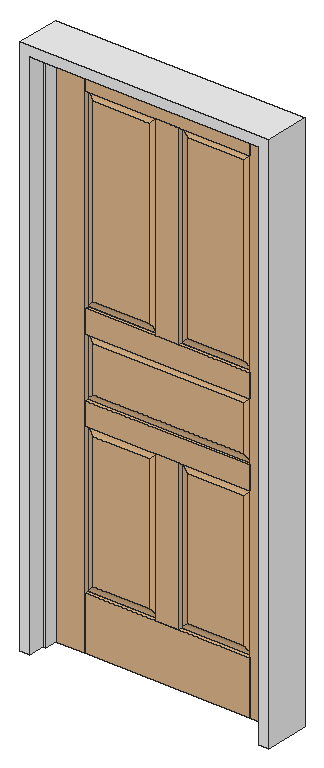
Revit family
Parameters (values of type "1 3/4" Raised Panel")
  URL = "http://www.karonadoor.com"
  Thickness Note = "Do not edit thickness."  # constant formula
  Thickness = 1.774"
  Swing Angle 2D = 90.00°
  SmartBIM Object Version = 1  # constant formula
  SmartBIM Object Created By = "Reed Construction Data"  # constant formula
  Rough Width = 0.000"
  Rough Height = 1.750"
  Panel = Panel_K5500_Karona : 1 3/4" - Raised Panel
  Model = "K5500 Square"  # constant formula
  Manufacturer = "Karona , Inc."  # constant formula
  Detail Door Thickness = 1.750"
  Assembly Code = ""
  Top Rail Height = 5.000"
  Top Rail = Wood, Cherry - Grain Horizontal
  Stile Width = 5.063"
  Stile = Wood, Cherry - Grain Vertical
  Sticking = Wood, Cherry - Grain Vertical
  Middle Rail = Wood, Cherry - Grain Horizontal
  Height = 84.000"
  Wall Closure = (empty or 0)
  Width = 36.000"
  Frame = Metal
  Bottom Rail Height = 8.500"
  Bottom Rail = Wood, Cherry - Grain Horizontal
  95 CSI = "08210"  # constant formula
  04 CSI = "08 14 33"  # constant formula
Types (9): name | Thickness | Rough Height | Panel | Detail Door Thickness | Top Rail
  1 3/4" Flat Panel | 1.774" | 1.750" | Panel_K5500_Karona : 1 3/4" - Flat Panel | 1.750" | Wood, Cherry - Grain Horizontal
  1 3/8" Flat Panel | 1.334" | 0.000" | Panel_K5500_Karona : 1 3/8" - Flat Panel | 1.375" | Wood, Cherry - Grain Vertical
  2 1/4" Flat Panel | 2.250" | 0.000" | Panel_K5500_Karona : 2 1/4" - Flat Panel | 2.250" | Wood, Cherry - Grain Horizontal
  1 3/4" Glass Panel | 1.774" | 1.750" | Panel_K5500_Karona : 1 3/4" - Glass Panel | 1.750" | Wood, Cherry - Grain Horizontal
  1 3/8" Glass Panel | 1.334" | 0.000" | Panel_K5500_Karona : 1 3/8" - Glass Panel | 1.375" | Wood, Cherry - Grain Horizontal
  2 1/4" Glass Panel | 2.250" | 0.000" | Panel_K5500_Karona : 2 1/4" - Glass | 2.250" | Wood, Cherry - Grain Horizontal
  1 3/4" Raised Panel | 1.774" | 1.750" | Panel_K5500_Karona : 1 3/4" - Raised Panel | 1.750" | Wood, Cherry - Grain Horizontal
  1 3/8" Raised Panel | 1.334" | 0.000" | Panel_K5500_Karona : 1 3/8" - Raised Panel | 1.375" | Wood, Cherry - Grain Horizontal
  2 1/4" Raised Panel | 2.250" | 0.000" | Panel_K5500_Karona : 2 1/4" - Raised Panel | 2.250" | Wood, Cherry - Grain Horizontal
Reference planes (in)
  plane 1 "Center (Front/Back)": y = 0
  plane 2 "Center (Left/Right)": x = 0
  plane 3 "Left": x = -18
  plane 4 "Right": x = 18
  plane 5 "Top": z = 84
  plane 6 "Exterior Edge of Frame": y = 3.5
  plane 7 "Interior Edge of Frame": y = -3.5
  plane 8: y = 1
  plane 9: y = -1
  plane 10 "Opening Left": x = -19.5
  plane 11 "Opening Right": x = 19.5
  plane 12 "Top of Opening": z = 85.5
  plane 13: x = -17.5
Forms (in)
  Sweep 1, solid, material "Metal" <- "Frame"
    path origin (0, 0, 0) x (1, 0, 0) y (0, 0, 1)
      loop
        line (-19.5, 0) -> (-19.5, 85.5) -> (19.5, 85.5) -> (19.5, 0)
    profile origin (-19.5, 0, 42.75) x (-1, 0, 0) y (0, -1, 0)
      loop
        line (0, -3.5) -> (0, 3.5) -> (-1.5, 3.5) -> (-1.5, 1) -> (-2, 1) -> (-2, -1) -> (-1.5, -1) -> (-1.5, -3.5) -> (0, -3.5)
Lines and regions (in)
  Opening 1
    outline origin (-90, -3, 0) x (1, 0, 0) y (0, 0, 1)
      loop
        line (70.5, 0) -> (109.5, 0) -> (109.5, 85.5) -> (70.5, 85.5) -> (70.5, 0)
  symbolic lines, style "Elevation Swing"
    curve 1: line (18, 3, 0) -> (-18, 3, 42)
    curve 2: line (-18, 3, 42) -> (18, 3, 84)
Text (in)
  text "Exterior" at (-46.13199, 20.20143, 0), in view "Ref. Level"
  text "Interior" at (-46.13199, -10.56751, 0), in view "Ref. Level"
  text "Exterior" at (0, 40.15149, 123.01588), in view "Right"
  text "Interior" at (0, -64.39139, 123.01588), in view "Right"
  text "Interior" at (0, -31.01599, 123.00693), in view "Left"
  text "Exterior" at (0, 54.57065, 123.00693), in view "Left"
Dimensions and locks (in)
  "Height": level to plane 5 "Top"
  "Width": plane 3 "Left" to plane 4 "Right"
  equal spacing: host wall, curve 2, plane 5 "Top"
  locked: host wall to plane 7 "Interior Edge of Frame" at 0.5
  locked: plane 6 "Exterior Edge of Frame" to host wall at 0.5
  locked: plane 9 to plane 7 "Interior Edge of Frame" at 2.5
  locked: plane 6 "Exterior Edge of Frame" to plane 8 at 2.5
  equal spacing: plane 3 "Left", plane 2 "Center (Left/Right)", plane 4 "Right"
  locked: plane 4 "Right" to plane 11 "Opening Right" at 1.5
  locked: plane 5 "Top" to plane 12 "Top of Opening" at 1.5
  locked: plane 3 "Left" to plane 13 at 0.5
  locked: plane 10 "Opening Left" to plane 3 "Left" at 1.5
  aligned and locked: Opening 1 sketch curve to level
  aligned and locked: plane 4 "Right" to curve 1
  aligned and locked: plane 3 "Left" to curve 1
  aligned and locked: plane 5 "Top" to curve 2
  aligned and locked: Opening 1 sketch curve to plane 11 "Opening Right"
  aligned and locked: plane 12 "Top of Opening" to Opening 1 sketch curve
  aligned and locked: Opening 1 sketch curve to plane 10 "Opening Left"
  aligned and locked: plane 10 "Opening Left" to Sweep 1 sketch curve
  aligned and locked: plane 12 "Top of Opening" to Sweep 1 sketch curve
  aligned and locked: plane 11 "Opening Right" to Sweep 1 sketch curve
  aligned and locked: level to Sweep 1 sketch curve  (x2)
  aligned and locked: Sweep 1 sketch curve to plane 10 "Opening Left"
  aligned and locked: Sweep 1 sketch curve to plane 6 "Exterior Edge of Frame"
  aligned and locked: Sweep 1 sketch curve to plane 7 "Interior Edge of Frame"
  aligned and locked: Sweep 1 sketch curve to plane 8
  aligned and locked: Sweep 1 sketch curve to plane 9
  aligned and locked: plane 13 to Sweep 1 sketch curve
  aligned and locked: plane 3 "Left" to Sweep 1 sketch curve  (x2)
  aligned and locked: nested 1 to plane 2 "Center (Left/Right)"
  aligned and locked: nested 1 to plane 8
  aligned and locked: nested 2 to plane 3 "Left"
  aligned and locked: nested 2 to plane 8
Automatic sketch dimensions
  curve 1 to level = 0.000"
  curve 2 to plane 4 "Right" = 0.000"
Nested families (in)
  nested 1: "Panel_K5500_Karona" at (-13.5, 0.6575, 0) x (-1, 0, 0) z (0, 0, 1), type <- "Panel", type "1 3/4" - Raised Panel"
    with Panel Height 30.500", Height 84.000", Bottom Rail Height 8.500", Bottom Panel Height 23.375"
  nested 2: "Door Panel Plan View" at (-31.5, 1, 0) x (-1, 0, 0) z (0, 0, 1), type "Door Panel Plan View"
    with Thickness 1.750", Height 84.000"
Definition of nested family "Panel_K5500_Karona"
  Parameters (values of type "1 3/4" - Raised Panel")
    Width = 36.000"
    Top Rail Material = Wood, Cherry - Grain Horizontal
    Top Rail Height = 5.000"
    Top Panel Offset = 16.542"
    Thickness Note = "Do not change door thickness"  # constant formula
    Thickness = 1.774"
    Stile Width = 5.063"
    Stile Material = Wood, Cherry - Grain Vertical
    Sticking Material = Wood, Cherry - Grain Vertical
    Panel Width = (Width - ((2 * Stile Width) + Mullion Width)) / 2  # 11.1245"
    Panel Height = Height - (Top Rail Height + Mullion Width + Middle Panel Height + Bottom Height)  # 46.500"
    Panel = Glass-Sticking-Assembly-Square_Karona : Raised Panel
    Mullion Width = 3.625"  # constant formula
    Middle Panel Width = Width - (2 * Stile Width)  # 25.874"
    Middle Panel Height = 9.375"  # constant formula
    Interior Panel = Wood, Cherry - Grain Vertical
    Height = 100.000"
    Exterior Edge - Glass Bottom Offset = if(Thickness = 1.774", 0.567", if(Thickness = 2.250", 0.803", 0.469"))  # 0.567"
    Door Panel Material = Wood, Cherry - Grain Vertical
    Default Elevation = 0.000"  # constant formula
    Bottom Rail Material = Wood, Cherry - Grain Horizontal
    Bottom Rail Height = 20.000"
    Bottom Panel Height = Bottom Height - (Mullion Width + Bottom Rail Height)  # 11.875"
    Bottom Height = 35.500"
    Assembly Code = ""
  Types (9): name | Top Panel Offset | Thickness | Panel Height | Panel | Interior Panel | Height | Exterior Edge - Glass Bottom Offset | Bottom Rail Height | Bottom Panel Height
    2 1/4" - Flat Panel | 14.875" | 2.250" | 30.500" | Glass-Sticking-Assembly-Square_Karona : Flat Panel | Wood, Cherry - Grain Vertical | 84.000" | 0.803" | 8.500" | 23.375"
    2 1/4" - Glass | 14.875" | 2.250" | 30.500" | Glass-Sticking-Assembly-Square_Karona : Glass Panel | Glass | 84.000" | 0.803" | 8.500" | 23.375"
    2 1/4" - Raised Panel | 14.875" | 2.250" | 30.500" | Glass-Sticking-Assembly-Square_Karona : Raised Panel | Wood, Cherry - Grain Vertical | 84.000" | 0.803" | 8.500" | 23.375"
    1 3/4" - Raised Panel | 16.542" | 1.774" | 46.500" | Glass-Sticking-Assembly-Square_Karona : Raised Panel | Wood, Cherry - Grain Vertical | 100.000" | 0.567" | 20.000" | 11.875"
    1 3/4" - Flat Panel | 14.875" | 1.774" | 30.500" | Glass-Sticking-Assembly-Square_Karona : Flat Panel | Wood, Cherry - Grain Vertical | 84.000" | 0.567" | 8.500" | 23.375"
    1 3/4" - Glass Panel | 14.875" | 1.774" | 30.500" | Glass-Sticking-Assembly-Square_Karona : Glass Panel | Glass | 84.000" | 0.567" | 8.500" | 23.375"
    1 3/8" - Raised Panel | 14.875" | 1.334" | 30.500" | Glass-Sticking-Assembly-Square_Karona : Raised Panel | Wood, Cherry - Grain Vertical | 84.000" | 0.469" | 8.500" | 23.375"
    1 3/8" - Glass Panel | 14.875" | 1.334" | 30.500" | Glass-Sticking-Assembly-Square_Karona : Glass Panel | Glass | 84.000" | 0.469" | 8.500" | 23.375"
    1 3/8" - Flat Panel | 14.875" | 1.334" | 30.500" | Glass-Sticking-Assembly-Square_Karona : Flat Panel | Wood, Cherry - Grain Vertical | 84.000" | 0.469" | 8.500" | 23.375"
  Reference planes (in)
    plane 1 "Center (Front/Back)": y = 1.2295
    plane 2: z = 0
    plane 3 "Center (Left/Right)": x = -13.5
    plane 4 "Left": x = -31.5
    plane 5: x = 4.5
    plane 6 "Inner Left": x = -26.437
    plane 7 "Inner Right": x = -0.563
    plane 8 "Bottom Of Top Rail": z = 95
    plane 9 "Top": z = 100
    plane 10 "Interior Edge of Door": y = 2.1165
    plane 11: z = 95
    plane 12 "Exterior Edge of Door": y = 0.3425
    plane 13 "Bottom of Glass": y = 0.9095
    plane 14 "Left Panel Vertical Midline": x = -13.5
    plane 15: z = 48.5
    plane 16: z = 44.875
    plane 17: z = 35.5
    plane 18: z = 31.875
    plane 19: z = 20
    plane 20: z = 71.75
    plane 21: z = 25.9375
    plane 22: z = 40.1875
    plane 23: x = -20.87475
    plane 24: x = -6.12525
    plane 25: x = -15.3125
    plane 26: x = -11.6875
  Forms (in)
    Extrusion 1, solid, material "Wood, Cherry - Grain Horizontal" <- "Bottom Rail Material"
      sketch origin (0, -101.3125, 0) x (1, 0, 0) y (0, 0, 1)
        loop
          line (-26.437, 0) -> (-0.563, 0) -> (-0.563, 20) -> (-26.437, 20) -> (-26.437, 0)
      from -103.429 to -101.655
    Extrusion 2, solid, material "Wood, Cherry - Grain Vertical" <- "Stile Material"
      sketch origin (0, 1.2295, 0) x (1, 0, 0) y (0, 0, 1)
        loop
          line (-31.5, 100) -> (-31.5, 0) -> (-26.437, 0) -> (-26.437, 100) -> (-31.5, 100)
        loop
          line (-0.563, 0) -> (4.5, 0) -> (4.5, 100) -> (-0.563, 100) -> (-0.563, 0)
      from -0.887 to 0.887
    Extrusion 3, solid, material "Wood, Cherry - Grain Horizontal" <- "Top Rail Material"
      sketch origin (0, 1.2295, 0) x (1, 0, 0) y (0, 0, 1)
        loop
          line (-26.437, 100) -> (-26.437, 95) -> (-0.563, 95) -> (-0.563, 100) -> (-26.437, 100)
      from -0.887 to 0.887
    Extrusion 4, solid, material "Wood, Cherry - Grain Horizontal" <- "Top Rail Material"
      sketch origin (0, 1.2295, 0) x (1, 0, 0) y (0, 0, 1)
        loop
          line (-26.437, 31.875) -> (-0.563, 31.875) -> (-0.563, 35.5) -> (-26.437, 35.5) -> (-26.437, 31.875)
        loop
          line (-26.437, 48.5) -> (-26.437, 44.875) -> (-0.563, 44.875) -> (-0.563, 48.5) -> (-26.437, 48.5)
      from -0.887 to 0.887
    Extrusion 5, solid, material "Wood, Cherry - Grain Vertical" <- "Door Panel Material"
      sketch origin (0, 1.2295, 0) x (1, 0, 0) y (0, 0, 1)
        loop
          line (-15.3125, 95) -> (-15.3125, 48.5) -> (-11.6875, 48.5) -> (-11.6875, 95) -> (-15.3125, 95)
        loop
          line (-15.3125, 31.875) -> (-15.3125, 20) -> (-11.6875, 20) -> (-11.6875, 31.875) -> (-15.3125, 31.875)
      from -0.887 to 0.887
  Text (in)
    text "EXTERIOR" at (-34.59289, -1.27941, 0), in view "Ref. Level"
    text "EXTERIOR" at (0, -9.65287, 72.76687), in view "Left"
    text "EXTERIOR" at (0, -33.33473, 96.68074), in view "Right"
  Dimensions and locks (in)
    equal spacing: plane 4 "Left", plane 3 "Center (Left/Right)", plane 5
    "Width": plane 4 "Left" to plane 5
    "Stile Width": plane 4 "Left" to plane 6 "Inner Left"
    "Stile Width": plane 5 to plane 7 "Inner Right"
    "Top Rail Height": plane 9 "Top" to plane 8 "Bottom Of Top Rail"
    "Height": plane 9 "Top" to plane 2
    equal spacing: plane 10 "Interior Edge of Door", plane 1 "Center (Front/Back)", plane 12 "Exterior Edge of Door"
    "Thickness": plane 10 "Interior Edge of Door" to plane 12 "Exterior Edge of Door"
    "Exterior Edge - Glass Bottom Offset": plane 13 "Bottom of Glass" to plane 12 "Exterior Edge of Door"
    "Exterior Edge - Glass Bottom Offset": plane 12 "Exterior Edge of Door" to plane 13 "Bottom of Glass"
    "Mullion Width": plane 15 to plane 16
    "Bottom Rail Height": plane 19 to level
    "Panel Height": plane 11 to plane 15
    equal spacing: plane 11, plane 20, plane 15
    equal spacing: plane 18, plane 21, plane 19
    "Mullion Width": plane 17 to plane 18
    equal spacing: plane 16, plane 22, plane 17
    "Mullion Width": plane 26 to plane 25
    equal spacing: plane 25, plane 23, plane 6 "Inner Left"
    equal spacing: plane 26, plane 24, plane 7 "Inner Right"
    equal spacing: plane 26, plane 3 "Center (Left/Right)", plane 25
    "Bottom Height": plane 17 to level
    aligned and locked: Extrusion 1 to plane 2
    aligned and locked: plane 10 "Interior Edge of Door" to Extrusion 1
    aligned and locked: plane 4 "Left" to Extrusion 2 sketch curve
    aligned and locked: Extrusion 2 sketch curve to plane 9 "Top"
    aligned and locked: Extrusion 2 sketch curve to Extrusion 1  (x3)
    aligned and locked: Extrusion 1 to Extrusion 2 sketch curve
    aligned and locked: plane 9 "Top" to Extrusion 2 sketch curve
    aligned and locked: plane 5 to Extrusion 2 sketch curve
    aligned and locked: plane 10 "Interior Edge of Door" to Extrusion 2
    aligned and locked: Extrusion 2 to Extrusion 3 sketch curve
    aligned and locked: Extrusion 3 sketch curve to Extrusion 2
    aligned and locked: plane 10 "Interior Edge of Door" to Extrusion 3
    aligned and locked: plane 11 to plane 8 "Bottom Of Top Rail"
    aligned and locked: level to plane 2
    aligned and locked: Extrusion 3 to plane 12 "Exterior Edge of Door"
    aligned and locked: Extrusion 3 to plane 10 "Interior Edge of Door"
    aligned and locked: Extrusion 2 to plane 12 "Exterior Edge of Door"
    aligned and locked: Extrusion 3 to plane 11
    aligned and locked: Extrusion 1 to Extrusion 2
    aligned and locked: nested 1 to plane 1 "Center (Front/Back)"
    aligned and locked: plane 20 to nested 2
    aligned and locked: Extrusion 4 sketch curve to plane 18
    aligned and locked: Extrusion 4 sketch curve to plane 6 "Inner Left"  (x2)
    aligned and locked: Extrusion 4 sketch curve to plane 7 "Inner Right"  (x2)
    aligned and locked: Extrusion 4 sketch curve to plane 17
    aligned and locked: Extrusion 4 sketch curve to plane 15
    aligned and locked: Extrusion 4 sketch curve to plane 16
    aligned and locked: plane 10 "Interior Edge of Door" to Extrusion 4
    aligned and locked: Extrusion 4 to plane 12 "Exterior Edge of Door"
    aligned and locked: plane 23 to nested 2
    aligned and locked: plane 23 to nested 1
    aligned and locked: nested 5 to plane 20
    aligned and locked: nested 4 to plane 21
    aligned and locked: plane 24 to nested 5
    aligned and locked: plane 24 to nested 4
    aligned and locked: plane 1 "Center (Front/Back)" to nested 4
    aligned and locked: plane 1 "Center (Front/Back)" to nested 5
    aligned and locked: Extrusion 5 sketch curve to plane 25  (x2)
    aligned and locked: Extrusion 5 sketch curve to plane 26
    aligned and locked: Extrusion 5 sketch curve to plane 15
    aligned and locked: Extrusion 5 sketch curve to plane 11
    aligned and locked: Extrusion 5 sketch curve to plane 18
    aligned and locked: Extrusion 5 sketch curve to plane 19
    aligned and locked: plane 26 to Extrusion 5 sketch curve
    aligned and locked: plane 10 "Interior Edge of Door" to Extrusion 5
    aligned and locked: Extrusion 5 to plane 12 "Exterior Edge of Door"
    aligned and locked: plane 21 to nested 1
    aligned and locked: plane 19 to Extrusion 1
    aligned and locked: plane 22 to nested 3
  Automatic sketch dimensions
    Extrusion 1 sketch curve to plane 6 "Inner Left" = 0.000"
    Extrusion 1 sketch curve to plane 7 "Inner Right" = 0.000"
    Extrusion 1 sketch curve to level = 0.000"
    Extrusion 3 sketch curve to plane 7 "Inner Right" = 0.000"
    plane 8 "Bottom Of Top Rail" to Extrusion 3 sketch curve = 0.000"
    level to Extrusion 1 sketch curve = 20.000"
  Nested families (in)
    nested 1: "Glass-Sticking-Assembly-Square_Karona" at (-21.3435, 1.38, 20), Width <- "Panel Width", Height <- "Bottom Panel Height", type <- "Panel", type "Raised Panel"
      with Width 11.1245", Height 11.875"
    nested 2: "Glass-Sticking-Assembly-Square_Karona" at (-21.3435, 1.382, 48.5), Width <- "Panel Width", Height <- "Panel Height", type <- "Panel", type "Raised Panel"
      with Width 11.1245", Height 46.500"
    nested 3: "Glass-Sticking-Assembly-Square_Karona" at (-13.96875, 1.38, 35.5), Width <- "Middle Panel Width", Height <- "Middle Panel Height", type <- "Panel", type "Raised Panel"
      with Width 25.874", Height 9.375"
    nested 4: "Glass-Sticking-Assembly-Square_Karona" at (-5.6565, 1.38, 20) x (-1, 0, 0) z (0, 0, 1), Width <- "Panel Width", Height <- "Bottom Panel Height", type <- "Panel", type "Raised Panel"
      with Width 11.1245", Height 11.875"
    nested 5: "Glass-Sticking-Assembly-Square_Karona" at (-5.6565, 1.38, 48.5) x (-1, 0, 0) z (0, 0, 1), Width <- "Panel Width", Height <- "Panel Height", type <- "Panel", type "Raised Panel"
      with Width 11.1245", Height 46.500"
  Definition of nested family "Glass-Sticking-Assembly-Square_Karona"
    Parameters (values of type "Glass Panel")
      Width [instance] = 19.000"
      Stop Adjustment = if(and(not(Glass Panel), Door Thickness = 1.774"), 0.513", if(and(not(Glass Panel), Door Thickness = 2.250"), 0.513", if((Glass Panel), 0.125", 0.273")))  # 0.125"
      Profile = Wood, Cherry - Grain Vertical
      Height [instance] = 23.000"
      Raised Panel = no
      Interior Panel = Wood, Cherry - Grain Vertical
      Glass Panel = yes
      Door Thickness = 1.774"
      C = if(Glass Panel, 0.125", if(Door Thickness = 1.774", 0.200", if(Door Thickness = 2.250", 0.439", 0.191")))  # 0.125"
      B = if(Door Thickness = 1.774", 0.567", if(Door Thickness = 2.250", 0.803", 0.469"))  # 0.567"
      Assembly Code = ""
      A = if(Door Thickness = 1.774", 0.197", if(Door Thickness = 2.250", 0.433", 0.194"))  # 0.197"
    Types (3): name | Width | Stop Adjustment | Raised Panel | Glass Panel | C
      Glass Panel | 19.000" | 0.125" | no | yes | 0.125"
      Flat Panel | 4.500" | 0.513" | no | no | 0.200"
      Raised Panel | 4.000" | 0.513" | yes | no | 0.200"
    Reference planes (in)
      plane 1 "Stop Adjustment Edge": y = -0.3455
      plane 2: z = 0
      plane 3 "Center (Left/Right)": x = 0.46875
      plane 4 "Back": y = 0.7365
      plane 5 "Front": y = -1.0375
      plane 6 "Left": x = -9.03125
      plane 7 "Right": x = 9.96875
      plane 8 "Top": z = 23
      plane 9 "Center (Up/Down)": z = 11.5
      plane 10 "Bottom of Stop": y = -0.2205
      plane 11 "Bottom of Glass": y = -0.4705
      plane 12 "Right Edge of Glass": x = 10.35675
      plane 13 "Left Edge of Glass": x = -9.41925
      plane 14 "Top Edge of Glass": z = 23.34425
      plane 15 "Bottom Edge of Glass": z = -0.34425
      plane 16 "A": y = -0.8405
      plane 17 "C": y = 0.6115
      plane 18: z = 0.438
      plane 19: z = 22.562
      plane 20: x = -8.59325
      plane 21: x = 9.53075
      plane 22 "Center (Front/Back)": y = -0.1505
      plane 23: x = -9.46925
      plane 24: x = 10.40675
      plane 25: z = 23.438
      plane 26: z = -0.438
    Forms (in)
      Extrusion 1, solid, material "Wood, Cherry - Grain Vertical" <- "Interior Panel"
        sketch origin (0, 0, 0) x (1, 0, 0) y (0, 1, 0)
          loop
            line (-9.41925, -0.2205) -> (-9.41925, -0.4705) -> (10.35675, -0.4705) -> (10.35675, -0.2205) -> (-9.41925, -0.2205)
        from -0.34425 to 23.34425
      Extrusion 2, solid, material "Wood, Cherry - Grain Vertical" <- "Profile", visible <- "Raised Panel"
        sketch origin (0, 0, 0) x (1, 0, 0) y (0, 1, 0)
          loop
            line (9.96875, 0.6115) -> (-9.03125, 0.6115) -> (-9.03125, -0.2205) -> (9.96875, -0.2205) -> (9.96875, 0.6115)
          loop
            line (-9.03125, -0.4705) -> (-9.03125, -0.8405) -> (9.96875, -0.8405) -> (9.96875, -0.4705) -> (-9.03125, -0.4705)
        from 0 to 23
      Sweep 3, void
        path origin (0, -0.2205, 0) x (-1, 0, 0) y (0, 0, 1)
          loop
            line (9.46925, -0.438) -> (9.46925, 23.438) -> (-10.40675, 23.438) -> (-10.40675, -0.438) -> (9.46925, -0.438)
        profile "Profile : 05" origin (-9.46925, -0.2205, 11.5) x (1, 0, 0) y (0, 1, 0)
          loop
            line (0, 0.05) -> (0.36169, 0.05096)
            arc (0.36169, 0.05096) -> (1.01257, 0.13642) -> (1.61934, 0.387) r 2.52143
            line (1.61934, 0.387) -> (0, 0.387) -> (0, 0.05)
      Sweep 4, void
        path origin (0, -0.4705, 0) x (-1, 0, 0) y (0, 0, 1)
          loop
            line (-10.40675, 23.438) -> (-10.40675, -0.438) -> (9.46925, -0.438) -> (9.46925, 23.438) -> (-10.40675, 23.438)
        profile "Profile : 05" origin (10.40675, -0.4705, 11.5) x (-1, 0, 0) y (0, 1, 0)
          loop
            line (0, -0.05) -> (0, -0.387) -> (1.61934, -0.387)
            arc (1.61934, -0.387) -> (1.01257, -0.13642) -> (0.36169, -0.05096) r 2.52143
            line (0.36169, -0.05096) -> (0, -0.05)
    Cuts and joins
      Sweep 3, Sweep 4 cuts Extrusion 2
    Text (in)
      text "INTERIOR" at (-14.3788, 3.49864, 0), in view "Ref. Level"
    Dimensions and locks (in)
      equal spacing: plane 6 "Left", plane 3 "Center (Left/Right)", plane 7 "Right"
      "Width": plane 6 "Left" to plane 7 "Right"
      "Door Thickness": plane 4 "Back" to plane 5 "Front"
      "Height": plane 8 "Top" to plane 2
      equal spacing: plane 8 "Top", plane 9 "Center (Up/Down)", level
      locked: plane 1 "Stop Adjustment Edge" to plane 11 "Bottom of Glass" at 0.125
      "Stop Adjustment": plane 10 "Bottom of Stop" to plane 1 "Stop Adjustment Edge"
      locked: plane 7 "Right" to plane 12 "Right Edge of Glass" at 0.388
      locked: plane 14 "Top Edge of Glass" to plane 8 "Top" at 0.34425
      locked: level to plane 15 "Bottom Edge of Glass" at 0.34425
      locked: plane 13 "Left Edge of Glass" to plane 6 "Left" at 0.388
      "B": plane 5 "Front" to plane 11 "Bottom of Glass"
      "A": plane 5 "Front" to plane 16 "A"
      "C": plane 17 "C" to plane 4 "Back"
      locked: plane 18 to level at 0.438
      locked: plane 8 "Top" to plane 19 at 0.438
      locked: plane 6 "Left" to plane 20 at 0.438
      locked: plane 21 to plane 7 "Right" at 0.438
      equal spacing: plane 4 "Back", plane 22 "Center (Front/Back)", plane 5 "Front"
      locked: plane 23 to plane 13 "Left Edge of Glass" at 0.05
      locked: plane 12 "Right Edge of Glass" to plane 24 at 0.05
      locked: plane 25 to plane 14 "Top Edge of Glass" at 0.09375
      locked: plane 15 "Bottom Edge of Glass" to plane 26 at 0.09375
      aligned and locked: Extrusion 1 sketch curve to plane 13 "Left Edge of Glass"
      aligned and locked: Extrusion 1 sketch curve to plane 10 "Bottom of Stop"
      aligned and locked: Extrusion 1 sketch curve to plane 11 "Bottom of Glass"
      aligned and locked: Extrusion 1 sketch curve to plane 12 "Right Edge of Glass"
      aligned and locked: plane 14 "Top Edge of Glass" to Extrusion 1
      aligned and locked: Extrusion 1 to plane 15 "Bottom Edge of Glass"
      aligned and locked: Extrusion 2 sketch curve to plane 17 "C"
      aligned and locked: Extrusion 2 sketch curve to plane 10 "Bottom of Stop"
      aligned and locked: Extrusion 2 sketch curve to plane 11 "Bottom of Glass"
      aligned and locked: Extrusion 2 sketch curve to plane 16 "A"
      aligned and locked: plane 25 to Sweep 4 sketch curve
      aligned and locked: Sweep 4 sketch curve to plane 23
      aligned and locked: plane 24 to Sweep 4 sketch curve
      aligned and locked: Sweep 4 sketch curve to plane 26
      aligned and locked: plane 25 to Sweep 3 sketch curve
      aligned and locked: plane 24 to Sweep 3 sketch curve
      aligned and locked: Sweep 3 sketch curve to plane 23
      aligned and locked: Sweep 3 sketch curve to plane 26
      aligned and locked: plane 6 "Left" to Extrusion 2 sketch curve  (x2)
      aligned and locked: plane 7 "Right" to Extrusion 2 sketch curve  (x2)
      aligned and locked: plane 8 "Top" to Extrusion 2
      aligned and locked: Extrusion 2 to level
Definition of nested family "Door Panel Plan View"
  Parameters (values of type "Door Panel Plan View")
    Width = 36.000"
    Thickness = 2.000"
    Swing Angle 2D = 90.00°
    Height = 0.000"
    Assembly Code = ""
  Reference planes (in)
    plane 1 "Center (Front/Back)": y = 0
    plane 2: z = 0
    plane 3 "Center (Left/Right)": x = -13.5
  Lines and regions (in)
    symbolic lines, style "DoorsPanelProjection"
      curve 1: line (-13.5, 0, 0) -> (-13.5, 36, 0)
      curve 2: line (-15.5, 0, 0) -> (-15.5, 36, 0)
      curve 3: line (-13.5, 0, 0) -> (-15.5, 0, 0)
      curve 4: line (-13.5, 36, 0) -> (-15.5, 36, 0)
    symbolic lines, style "Plan Swing"
      curve 5: arc (-13.5, 36, 0) -> (-38.95584, 25.45584, 0) -> (-49.5, 0, 0) r 36
  Dimensions and locks (in)
    "Width": curve 4 to curve 3
    "Thickness": curve 1 to curve 2
    "Swing Angle 2D": angle curve 1 to plane 1 "Center (Front/Back)"
    aligned and locked: plane 1 "Center (Front/Back)" to curve 5
  Automatic sketch dimensions
    curve 3 to plane 1 "Center (Front/Back)" = 0.000"
    curve 5 to plane 3 "Center (Left/Right)" = 0.000"
    curve 3 to plane 3 "Center (Left/Right)" = 0.000"
